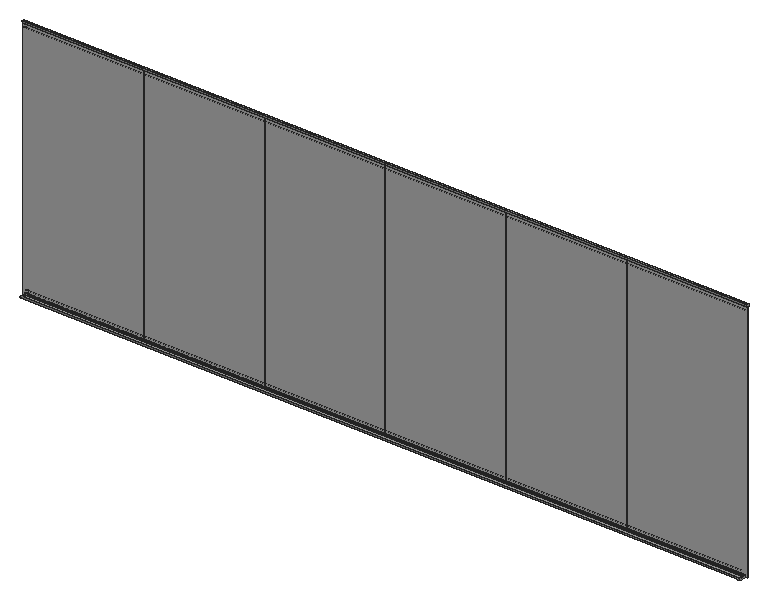
Revit family "Fluent Glass Wall 8x24", category Generic Models, Revit 2018
Family settings
  Can host rebar = No
  Round Connector Dimension = Use Diameter
  Part Type = Normal
  Work Plane-Based = No
  Always vertical = Yes
  Cut with Voids When Loaded = No
  Shared = No
  Room Calculation Point = No
Parameters
  Panel #6 = Fluent Glass Wall 8x24 Panel #6
  Panel #5 = Fluent Glass Wall 8x24 Panel #5
  Panel #4 = Fluent Glass Wall 8x24 Panel #4
  Panel #3 = Fluent Glass Wall 8x24 Panel #3
  Panel #2 = Fluent Glass Wall 8x24 Panel #2
  Panel #1 = Fluent Glass Wall 8x24 Panel #1
Reference planes (in)
  plane 1 "Center (Front/Back)": y = 0
  plane 2: z = 0
  plane 3 "Center (Left/Right)": x = 0
Forms (in)
  Extrusion 1, solid, material "Fluent Glass Wall Trim Metal"
    sketch origin (-94.48819, 0, -11.96875) x (0, 1, 0) y (0, 0, 1)
      loop
        line (-0.28802, 12.71551) -> (-0.28802, 12.22363) -> (-0.48802, 12.22363) -> (-0.48802, 12.77363) -> (-0.60087, 12.77363)
        arc (-0.60087, 12.77363) -> (-0.62209, 12.76485) -> (-0.63087, 12.74363) r 0.03
        line (-0.63087, 12.74363) -> (-0.63087, 12.45418)
        arc (-0.63087, 12.45418) -> (-0.67788, 12.32564) -> (-0.79672, 12.25776) r 0.19924
        arc (-0.79672, 12.25776) -> (-0.86084, 12.24904) -> (-0.92548, 12.24613) r 0.7187
        line (-0.92548, 12.24613) -> (-1.97548, 12.24613)
        arc (-1.97548, 12.24613) -> (-2.26159, 12.30205) -> (-2.50559, 12.4616) r 0.75985
        arc (-2.50559, 12.4616) -> (-2.80704, 12.55283) -> (-2.79142, 12.23827) r 0.19261
        arc (-2.79142, 12.23827) -> (-2.48945, 12.06146) -> (-2.14496, 12) r 0.99607
        line (-2.14496, 12) -> (0, 12) -> (0, 12.30193)
        arc (0, 12.30193) -> (-0.0275, 12.32943) -> (-0.055, 12.30193) r 0.0275
        line (-0.055, 12.30193) -> (-0.055, 12.20843) -> (-0.20802, 12.20843) -> (-0.20802, 12.69439) -> (-0.0848, 12.81762)
        arc (-0.0848, 12.81762) -> (-0.06815, 12.82253) -> (-0.055, 12.81121) r 0.01814
        line (-0.055, 12.81121) -> (-0.055, 12.65693)
        arc (-0.055, 12.65693) -> (-0.0275, 12.62943) -> (0, 12.65693) r 0.0275
        line (0, 12.65693) -> (0, 13.70847)
        arc (0, 13.70847) -> (-0.03996, 13.74843) -> (-0.07993, 13.70847) r 0.03996
        line (-0.07993, 13.70847) -> (-0.07993, 13.62094)
        arc (-0.07993, 13.62094) -> (-0.07047, 13.60109) -> (-0.05, 13.59302) r 0.03
        line (-0.05, 13.59302) -> (-0.05, 13.15338)
        arc (-0.05, 13.15338) -> (-0.07121, 13.14459) -> (-0.08, 13.12338) r 0.03
        line (-0.08, 13.12338) -> (-0.08, 12.92353) -> (-0.28802, 12.71551)
    from -46.26181 to 235.23819
  Extrusion 2, solid, material "Fluent Glass Wall Trim Metal"
    sketch origin (-94.48819, 0, 12.64022) x (0, 1, 0) y (0, 0, 1)
      loop
        line (0, 83.35978) -> (-0.645, 83.35978)
        arc (-0.645, 83.35978) -> (-0.73852, 83.31739) -> (-0.76829, 83.21911) r 0.12436
        arc (-0.76829, 83.21911) -> (-0.57148, 82.66433) -> (-0.166, 82.23759) r 1.41542
        line (-0.166, 82.23759) -> (-0.166, 82.19574)
        arc (-0.166, 82.19574) -> (-0.16235, 82.17737) -> (-0.15194, 82.1618) r 0.048
        line (-0.15194, 82.1618) -> (-0.1, 82.10985) -> (-0.1, 81.00078)
        arc (-0.1, 81.00078) -> (-0.05, 80.95078) -> (0, 81.00078) r 0.05
        line (0, 81.00078) -> (0, 83.35978)
    from -47.24409 to 236.22047
  Extrusion 3, solid, material "Fluent Glass Wall 8x24 Panel #2" <- "Panel #2"
    sketch origin (-94.48819, 0, 0) x (0, 1, 0) y (0, 0, 1)
      loop
        line (-0.48802, 0.25488) -> (-0.28802, 0.25488) -> (-0.28802, 95.73) -> (-0.48802, 95.73) -> (-0.48802, 0.25488)
    from 0 to 47.24409
  Extrusion 4, solid, material "Fluent Glass Wall 8x24 Panel #1" <- "Panel #1"
    sketch origin (-94.48819, 0, 0) x (0, 1, 0) y (0, 0, -1)
      loop
        line (-0.48802, -0.25488) -> (-0.48802, -95.73) -> (-0.28802, -95.73) -> (-0.28802, -0.25488) -> (-0.48802, -0.25488)
    from 0 to 47.24409
  Extrusion 5, solid, material "Fluent Glass Wall Trim Black"
    sketch origin (-94.48819, 0, -11.96875) x (0, 1, 0) y (0, 0, -1)
      loop
        line (-0.48802, -12.80488) -> (-0.48802, -11.96875) -> (-2.14496, -11.96875)
        arc (-2.14496, -11.96875) -> (-2.49924, -12.03177) -> (-2.81005, -12.2131) r 1.02732
        arc (-2.81005, -12.2131) -> (-2.82851, -12.57569) -> (-2.47857, -12.47895) r 0.22386
        arc (-2.47857, -12.47895) -> (-2.24646, -12.32965) -> (-1.97548, -12.27738) r 0.7286
        line (-1.97548, -12.27738) -> (-0.92548, -12.27738)
        arc (-0.92548, -12.27738) -> (-0.86355, -12.28017) -> (-0.80213, -12.28853) r 0.68745
        arc (-0.80213, -12.28853) -> (-0.70181, -12.34573) -> (-0.66212, -12.45418) r 0.16799
        line (-0.66212, -12.45418) -> (-0.66212, -12.74363)
        arc (-0.66212, -12.74363) -> (-0.64418, -12.78694) -> (-0.60087, -12.80488) r 0.06125
        line (-0.60087, -12.80488) -> (-0.48802, -12.80488)
    from 45.75863 to 46.29027
  Extrusion 6, solid, material "Fluent Glass Wall 8x24 Panel #3" <- "Panel #3"
    sketch origin (-47.24409, 0, 0) x (0, 1, 0) y (0, 0, 1)
      loop
        line (-0.48802, 0.25488) -> (-0.28802, 0.25488) -> (-0.28802, 95.73) -> (-0.48802, 95.73) -> (-0.48802, 0.25488)
    from 0 to 47.24409
  Extrusion 7, solid, material "Fluent Glass Wall 8x24 Panel #4" <- "Panel #4"
    sketch origin (0, 0, 0) x (0, 1, 0) y (0, 0, 1)
      loop
        line (-0.48802, 0.25488) -> (-0.28802, 0.25488) -> (-0.28802, 95.73) -> (-0.48802, 95.73) -> (-0.48802, 0.25488)
    from 0 to 47.24409
  Extrusion 8, solid, material "Fluent Glass Wall 8x24 Panel #5" <- "Panel #5"
    sketch origin (47.24409, 0, 0) x (0, 1, 0) y (0, 0, 1)
      loop
        line (-0.48802, 0.25488) -> (-0.28802, 0.25488) -> (-0.28802, 95.73) -> (-0.48802, 95.73) -> (-0.48802, 0.25488)
    from 0 to 47.24409
  Extrusion 9, solid, material "Fluent Glass Wall 8x24 Panel #6" <- "Panel #6"
    sketch origin (94.48819, 0, 0) x (0, 1, 0) y (0, 0, 1)
      loop
        line (-0.48802, 0.25488) -> (-0.28802, 0.25488) -> (-0.28802, 95.73) -> (-0.48802, 95.73) -> (-0.48802, 0.25488)
    from 0 to 47.24409
  Extrusion 10, solid, material "Fluent Glass Wall Trim Black"
    sketch origin (94.48819, 0, -11.96875) x (0, 1, 0) y (0, 0, 1)
      loop
        line (-0.48802, 12.80488) -> (-0.60087, 12.80488)
        arc (-0.60087, 12.80488) -> (-0.64418, 12.78694) -> (-0.66212, 12.74363) r 0.06125
        line (-0.66212, 12.74363) -> (-0.66212, 12.45418)
        arc (-0.66212, 12.45418) -> (-0.70181, 12.34573) -> (-0.80213, 12.28853) r 0.16799
        arc (-0.80213, 12.28853) -> (-0.86355, 12.28017) -> (-0.92548, 12.27738) r 0.68745
        line (-0.92548, 12.27738) -> (-1.97548, 12.27738)
        arc (-1.97548, 12.27738) -> (-2.24646, 12.32965) -> (-2.47857, 12.47895) r 0.7286
        arc (-2.47857, 12.47895) -> (-2.82851, 12.57569) -> (-2.81005, 12.2131) r 0.22386
        arc (-2.81005, 12.2131) -> (-2.49924, 12.03177) -> (-2.14496, 11.96875) r 1.02732
        line (-2.14496, 11.96875) -> (-0.48802, 11.96875) -> (-0.48802, 12.80488)
    from 45.75863 to 46.29027
  Extrusion 11, solid, material "Fluent Glass Wall Trim Black"
    sketch origin (94.48819, 0, -11.96875) x (0, 1, 0) y (0, 0, 1)
      loop
        line (-0.48802, 12.80488) -> (-0.60087, 12.80488)
        arc (-0.60087, 12.80488) -> (-0.64418, 12.78694) -> (-0.66212, 12.74363) r 0.06125
        line (-0.66212, 12.74363) -> (-0.66212, 12.45418)
        arc (-0.66212, 12.45418) -> (-0.70181, 12.34573) -> (-0.80213, 12.28853) r 0.16799
        arc (-0.80213, 12.28853) -> (-0.86355, 12.28017) -> (-0.92548, 12.27738) r 0.68745
        line (-0.92548, 12.27738) -> (-1.97548, 12.27738)
        arc (-1.97548, 12.27738) -> (-2.24646, 12.32965) -> (-2.47857, 12.47895) r 0.7286
        arc (-2.47857, 12.47895) -> (-2.82851, 12.57569) -> (-2.81005, 12.2131) r 0.22386
        arc (-2.81005, 12.2131) -> (-2.49924, 12.03177) -> (-2.14496, 11.96875) r 1.02732
        line (-2.14496, 11.96875) -> (-0.48802, 11.96875) -> (-0.48802, 12.80488)
    from 45.75863 to 46.29027
Dimensions and locks (in)
  aligned and locked: level to plane 2
